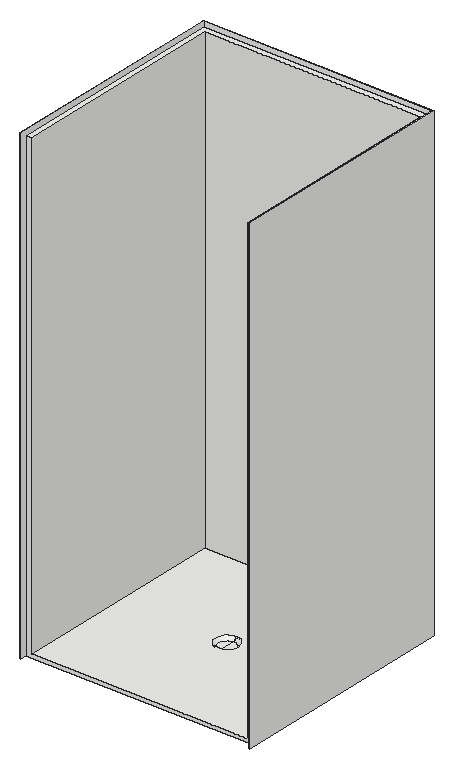
Revit family "Plumbing-Fixtures_Accessibility-Professionals-Inc_38-625x38-4375-Freedom-Accessible-Transfer-Shower", category Plumbing Fixtures, Revit 2026
Family settings
  Round Connector Dimension = Use Diameter
  Part Type = Normal
  Classification Number = 23.45.05.14.11.21
  Work Plane-Based = No
  Enable Cutting in Views = No
  Always vertical = Yes
  Cut with Voids When Loaded = No
  Maintain Annotation Orientation = No
  Shared = No
  Room Calculation Point = No
Parameters (values of type "38 5/8" x 38 7/16" Freedom Accessible Transfer Shower")
  Width = 38 5/8"  # constant formula
  Water Inlet Diameter = 2"
  Vertical Drain Offset = 19 5/16"  # constant formula
  Version = 1  # constant formula
  URL = "https://www.freedomshowers.com"
  Threshold Height = 5/8"  # constant formula
  Internal Wall Offset Side = 1"  # constant formula
  Product data url = ""
  Product Page URL = "https://www.freedomshowers.com/Handicapped-Accessible-Showers/APF3838BF4P"
  Product Material = Freedom Showers by Accessibility Professionals Inc. - Fiberglass Acrylic - White
  Product Documentation Link = "https://www.freedomshowers.com/index.php?route=product/product.getProductAttachmentFile&attachment_id=2060385"
  Model = "APF3838BF4P"  # constant formula
  Manufacturer = "Freedom Showers by Accessibility Professionals Inc."  # constant formula
  Keynote = "22 40 00.B5"
  Interior Width = 36"  # constant formula
  Interior Depth = 36"  # constant formula
  Horizontal Drain Offset = 19 1/8"  # constant formula
  Height = 78 7/8"  # constant formula
  Grab Bars Material = Freedom Showers by Accessibility Professionals Inc. - Steel - Stainless
  Flow = 0 GPM
  Drain Diameter = 2"
  Description = "Four-piece shower stall ideal for remodels. Features a 5/8″ beveled threshold, center drain, pre-leveled base, reinforced wood-backed walls, built-in soap ledge, durable acrylic finish, 30-year warranty, made in the USA."  # constant formula
  Depth = 38 7/16"  # constant formula
  Default Elevation = 0"
  Date Updated = ""
  Date Created = "2025/11/19"  # constant formula
  Construction_Type One-Piece [instance] = no
  Internal Wall Offset Back = 1"  # constant formula
  Construction_Type Multi-Piece [instance] = not([Construction_Type One-Piece])  # yes
  Assembly Code = "D2010.60"
  ADA_Compliant [instance] = no
Reference planes (in)
  plane 1 "Center (Front/Back)": y = 0
  plane 2: z = 0
  plane 3 "Center (Left/Right)": x = 0
  plane 4: x = 19.3125
  plane 5: x = -19.3125
  plane 6: y = 19.21875
  plane 7: y = -19.21875
  plane 8 "Drain Vertical": x = 0
  plane 9 "Drain Horizontal": y = 0.09375
  plane 10: z = 78.875
  plane 11: z = 0.625
  plane 12: y = -16.88767
  plane 13: z = 41
  plane 14: z = 25
  plane 15: z = 13.875
Forms (in)
  Extrusion 1, solid, material "Freedom Showers by Accessibility Professionals Inc. - Fiberglass Acrylic - White" <- "Product Material", detail levels medium+fine
    sketch origin (0, 0, 0) x (1, 0, 0) y (0, 1, 0)
      loop
        line (-19.3125, 19.21875) -> (-19.3125, -19.21875) -> (-19.1225, -19.21875) -> (-19.1225, 19.03171) -> (19.12546, 19.03171) -> (19.12546, -19.21875) -> (19.3125, -19.21875) -> (19.3125, 19.21875) -> (-19.3125, 19.21875)
    from 0 to 78.875
  Extrusion 2, solid, material "Freedom Showers by Accessibility Professionals Inc. - Fiberglass Acrylic - White" <- "Product Material", detail levels medium+fine
    sketch origin (0, 0, 0) x (0, 1, 0) y (0, 0, 1)
      loop
        line (-18.26135, 0.625) -> (-18.26135, 0) -> (19.03171, 0) -> (19.03171, 0.625) -> (-18.26135, 0.625)
    from -19.1225 to 19.12546
  Extrusion 3, solid, material "Freedom Showers by Accessibility Professionals Inc. - Fiberglass Acrylic - White" <- "Product Material", detail levels medium+fine
    sketch origin (0, 0, 0) x (1, 0, 0) y (0, 1, 0)
      loop
        line (-18.1225, 18.03171) -> (18.12546, 18.03171) -> (18.12546, -18.26135) -> (19.12546, -18.26135) -> (19.12546, 19.03171) -> (-19.1225, 19.03171) -> (-19.1225, -18.26135) -> (-18.1225, -18.26135) -> (-18.1225, 18.03171)
    from 0 to 78.10874
  Revolve 4, void, detail levels medium+fine
    sketch origin (0, -2.55546, 48) x (0, 1, 0) y (0, 0, 1)
      loop
        line (2.64921, -47.875) -> (2.64921, -47.375) -> (0.6967, -47.375) -> (1.1967, -47.875) -> (2.64921, -47.875)
      axis (2.64921, -47.875) -> (2.64921, -47.375)
    angle from 0 to 360
  Blend 5, solid, material "Freedom Showers by Accessibility Professionals Inc. - Fiberglass Acrylic - White" <- "Product Material", detail levels medium+fine
    base sketch origin (-29.7113, -11.07989, 48) x (1, 0, 0) y (0, 0, 1)
      loop
        arc (24.21127, -34.10277) -> (23.48503, -34.41532) -> (23.21277, -35.15761) r 1
        line (23.21277, -35.15761) -> (23.50436, -41.54218)
        arc (23.50436, -41.54218) -> (23.81541, -42.21358) -> (24.50285, -42.48734) r 1
        line (24.50285, -42.48734) -> (34.37589, -42.48734)
        arc (34.37589, -42.48734) -> (35.06334, -42.21358) -> (35.37439, -41.54218) r 1
        line (35.37439, -41.54218) -> (35.66597, -35.15761)
        arc (35.66597, -35.15761) -> (35.39372, -34.41532) -> (34.66748, -34.10277) r 1
        line (34.66748, -34.10277) -> (24.21127, -34.10277)
    top sketch origin (-29.7113, -11.07989, 48) x (1, 0, 0) y (0, 0, 1)
      loop
        line (24.50285, -42.48734) -> (34.37589, -42.48734)
        arc (34.37589, -42.48734) -> (34.62155, -42.45669) -> (34.85215, -42.36665) r 1
        line (34.85215, -42.36665) -> (34.42248, -35.41744)
        arc (34.42248, -35.41744) -> (34.08497, -34.81134) -> (33.4343, -34.5707) r 1
        line (33.4343, -34.5707) -> (25.44445, -34.5707)
        arc (25.44445, -34.5707) -> (24.79378, -34.81134) -> (24.45626, -35.41744) r 1
        line (24.45626, -35.41744) -> (24.0266, -42.36665)
        arc (24.0266, -42.36665) -> (24.2572, -42.45669) -> (24.50285, -42.48734) r 1
    from -29.1116 to -25.95304
  Extrusion 6, void, detail levels medium+fine
    sketch origin (0, 0, 0) x (0, 1, 0) y (0, 0, 1)
      loop
        line (14.27154, 16.30707) -> (14.27154, 4.98526) -> (17.97454, 4.98526) -> (14.27154, 16.30707)
    from -9.15121 to 7.4906
  Extrusion 7, solid, material "Freedom Showers by Accessibility Professionals Inc. - Fiberglass Acrylic - White" <- "Product Material", detail levels coarse
    sketch origin (-44.52563, -180, 34.875) x (-1, 0, 0) y (0, -1, 0)
      loop
        line (-25.21313, -199.21875) -> (-25.21313, -160.78125) -> (-63.83813, -160.78125) -> (-63.83813, -199.21875) -> (-25.21313, -199.21875)
    from -34.875 to -34.25
  Extrusion 8, solid, material "Freedom Showers by Accessibility Professionals Inc. - Fiberglass Acrylic - White" <- "Product Material", detail levels coarse
    sketch origin (-44.52563, -180, 34.875) x (-1, 0, 0) y (0, -1, 0)
      loop
        line (-25.21313, -199.21875) -> (-25.21313, -160.78125) -> (-26.40313, -160.78125) -> (-26.40313, -198.03171) -> (-62.65109, -198.03171) -> (-62.65109, -160.78125) -> (-63.83813, -160.78125) -> (-63.83813, -199.21875) -> (-25.21313, -199.21875)
    from -34.25 to 44
Cuts and joins
  Revolve 4 cuts Extrusion 1
  Revolve 4, Extrusion 6 cuts Extrusion 2
  Revolve 4 cuts Extrusion 3
  Extrusion 6 cuts Blend 5
  joined: Extrusion 1, Extrusion 2, Extrusion 3, Blend 5
Lines and regions (in)
  Masking region 1, detail levels coarse
    outline origin (-44.52563, -180, 34.875) x (-1, 0, 0) y (0, -1, 0)
      loop
        line (-25.21313, -199.21875) -> (-25.21313, -160.78125) -> (-63.83813, -160.78125) -> (-63.83813, -199.21875) -> (-25.21313, -199.21875)
  Masking region 2, detail levels medium+fine
    outline origin (0, 0, 0) x (1, 0, 0) y (0, 1, 0)
      loop
        line (-19.3125, 19.21875) -> (-19.3125, -19.21875) -> (-19.1225, -19.21875) -> (-19.1225, -18.26135) -> (19.12546, -18.26135) -> (19.12546, -19.21875) -> (19.3125, -19.21875) -> (19.3125, 19.21875) -> (-19.3125, 19.21875)
  model lines, detail levels medium+fine
    curve 1: line (-18.1225, 18.03171, 3.62025) -> (18.12546, 18.03171, 3.62025)
    curve 2: line (18.12546, 18.03171, 16.2628) -> (-18.1225, 18.03171, 16.2628)
    curve 4: line (11.76009, 18.03171, 16.2628) -> (11.76009, 18.03171, 3.62694)
    curve 6: line (11.76009, 18.03171, 40.70678) -> (11.76009, 18.03171, 28.70678)
    curve 7: line (-12.02634, 18.03171, 40.70678) -> (-12.02634, 18.03171, 28.70678)
    curve 8: line (-18.1225, 18.03171, 40.70678) -> (18.12546, 18.03171, 40.70678)
    curve 9: line (0.06055, 18.03171, 40.70678) -> (0.06055, 18.03171, 52.70678)
    curve 10: line (-18.1225, 18.03171, 52.70678) -> (18.12546, 18.03171, 52.70678)
    curve 11: line (-12.02634, 18.03171, 65.17163) -> (-12.02634, 18.03171, 52.70678)
    curve 12: line (11.76009, 18.03171, 65.17163) -> (11.76009, 18.03171, 52.70678)
    curve 13: line (-18.1225, 18.03171, 65.17163) -> (18.12546, 18.03171, 65.17163)
    curve 14: line (0.06055, 18.03171, 65.24301) -> (0.06055, 18.03171, 78.10874)
    curve 15: line (-18.03589, 18.03171, 28.70678) -> (-3.16597, 18.03171, 28.70678)
    curve 16: line (0.06055, 18.03171, 16.2628) -> (0.06055, 18.03171, 24.97913)
    curve 17: line (3.16597, 18.03171, 28.70678) -> (17.99675, 18.03171, 28.70678)
    curve 18: line (18.12546, 18.03171, 65.17163) -> (18.12546, -18.26135, 65.17163)
    curve 19: line (18.12546, 11.93259, 65.17163) -> (18.12546, 11.93259, 52.63402)
    curve 20: line (18.12546, -11.85384, 65.17163) -> (18.12546, -11.85384, 52.70678)
    curve 21: line (18.12546, 18.03171, 52.70678) -> (18.12546, -18.26135, 52.70678)
    curve 22: line (18.12546, -0.1543, 40.70678) -> (18.12546, -0.1543, 52.70678)
    curve 23: line (18.12546, 18.03171, 40.70678) -> (18.12546, -18.26135, 40.70678)
    curve 24: line (18.12546, 11.93259, 40.70678) -> (18.12546, 11.93259, 28.70678)
    curve 25: line (18.12546, -11.85384, 40.70678) -> (18.12546, -11.85384, 28.70678)
    curve 26: line (18.12546, 18.03171, 28.70678) -> (18.12546, -18.26135, 28.70678)
    curve 27: line (18.12546, -0.1543, 16.24193) -> (18.12546, -0.1543, 28.70678)
    curve 28: line (18.12546, -18.26135, 16.24193) -> (18.12546, 18.03171, 16.24193)
    curve 29: line (18.12546, 18.03171, 3.59938) -> (18.12546, -18.26135, 3.59938)
    curve 30: line (18.12546, -11.85384, 16.24193) -> (18.12546, -11.85384, 3.60607)
    curve 31: line (18.12546, 11.93259, 16.24193) -> (18.12546, 11.93259, 3.59938)
    curve 32: line (-18.1225, 18.03171, 65.17163) -> (-18.1225, -18.26135, 65.17163)
    curve 33: line (-18.1225, 18.03171, 52.70678) -> (-18.1225, -18.26135, 52.70678)
    curve 34: line (-18.1225, 18.03171, 40.70678) -> (-18.1225, -18.26135, 40.70678)
    curve 35: line (-18.1225, 18.03171, 28.70678) -> (-18.1225, -18.26135, 28.70678)
    curve 36: line (-18.1225, -18.26135, 16.24193) -> (-18.1225, 18.03171, 16.24193)
    curve 37: line (-18.1225, 18.03171, 3.59938) -> (-18.1225, -18.26135, 3.59938)
    curve 38: line (-18.1225, 11.93259, 16.24193) -> (-18.1225, 11.93259, 3.59938)
    curve 39: line (-18.1225, -11.85384, 16.24193) -> (-18.1225, -11.85384, 3.60607)
    curve 40: line (-18.1225, 11.93259, 40.70678) -> (-18.1225, 11.93259, 28.70678)
    curve 41: line (-18.1225, -11.85384, 40.70678) -> (-18.1225, -11.85384, 28.70678)
    curve 42: line (-18.1225, 11.93259, 65.17163) -> (-18.1225, 11.93259, 52.63402)
    curve 43: line (-18.1225, -11.85384, 65.17163) -> (-18.1225, -11.85384, 52.70678)
    curve 62: line (-18.1225, 18.03171, 0.625) -> (-1.38964, 1.46532, 0.625)
    curve 63: line (1.38583, 1.46917, 0.625) -> (18.12546, 18.03171, 0.625)
    curve 64: line (18.12546, -18.26135, 0.625) -> (1.3699, -1.29753, 0.625)
    curve 65: line (-1.37381, -1.29367, 0.625) -> (-18.1225, -18.26135, 0.625)
    curve 66: line (-18.1225, -0.1543, 16.24193) -> (-18.1225, -0.1543, 28.70678)
    curve 67: line (-18.1225, -0.1543, 40.70678) -> (-18.1225, -0.1543, 52.70678)
    curve 68: line (-18.1225, -0.1543, 65.17163) -> (-18.1225, -0.1543, 78.10874)
    curve 69: line (18.12546, -0.1543, 65.17163) -> (18.12546, -0.1543, 78.10874)
  model lines, not visible
    curve 3: line (0.06055, 18.03171, 16.2628) -> (0.06055, 18.03171, 28.70678)
    curve 5: line (-18.1225, 18.03171, 28.70678) -> (18.12546, 18.03171, 28.70678)
  symbolic lines, detail levels medium+fine
    curve 44: line (-19.1225, -19.21875, 34.875) -> (-19.1225, 19.03171, 34.875)
    curve 45: line (-19.1225, 19.03171, 34.875) -> (19.12546, 19.03171, 34.875)
    curve 46: line (19.12546, 19.03171, 34.875) -> (19.12546, -19.21875, 34.875)
    curve 47: line (18.12546, 18.03171, 34.875) -> (18.12546, -18.26135, 34.875)
    curve 48: line (-18.1225, 18.03171, 34.875) -> (18.12546, 18.03171, 34.875)
    curve 49: line (-18.1225, -18.26135, 34.875) -> (-18.1225, 18.03171, 34.875)
    curve 50: line (-19.1225, -18.26135, 34.875) -> (19.12546, -18.26135, 34.875)
    curve 51: arc (0, -1.85876, 34.875) -> (-1.95251, 0.09375, 34.875) -> (0, 2.04626, 34.875) r 1.95251
    curve 52: arc (0, 2.04626, 34.875) -> (1.95251, 0.09375, 34.875) -> (0, -1.85876, 34.875) r 1.95251
    curve 53: arc (0, 1.54626, 34.875) -> (-1.45251, 0.09375, 34.875) -> (0, -1.35876, 34.875) r 1.45251
    curve 54: arc (0, -1.35876, 34.875) -> (1.45251, 0.09375, 34.875) -> (0, 1.54626, 34.875) r 1.45251
  symbolic lines, style "PlumbingFixturesHiddenLines", detail levels medium+fine
    curve 55: line (-18.1225, 18.03171, 34.875) -> (-1.38964, 1.46532, 34.875)
    curve 56: line (18.12546, 18.03171, 34.875) -> (1.38583, 1.46917, 34.875)
    curve 57: line (-1.37381, -1.29367, 34.875) -> (-18.1225, -18.26135, 34.875)
    curve 58: line (1.3699, -1.29753, 34.875) -> (18.12546, -18.26135, 34.875)
  symbolic lines, style "PlumbingFixtures", detail levels coarse
    curve 59: line (-18.1225, -19.21875, 0) -> (-18.1225, 18.03171, 0)
    curve 60: line (-18.1225, 18.03171, 0) -> (18.12546, 18.03171, 0)
    curve 61: line (18.12546, 18.03171, 0) -> (18.12546, -19.21875, 0)
  symbolic lines, style "PlumbingFixtures", detail levels medium+fine
    curve 70: line (-5.49175, 15.47443, 0) -> (-6.49852, 18.03171, 0)
    curve 71: spline (-4.42356, 15.19707, 0) -> (-4.54722, 15.20114, 0) -> (-4.66876, 15.2093, 0) -> (-4.78679, 15.22147, 0) -> (-4.89995, 15.23749, 0) -> (-5.00693, 15.2572, 0) -> (-5.1065, 15.28035, 0) -> (-5.19752, 15.30669, 0) -> (-5.27895, 15.3359, 0) -> (-5.34983, 15.36766, 0) -> (-5.40936, 15.4016, 0) -> (-5.45685, 15.43733, 0) -> (-5.49175, 15.47443, 0)
    curve 72: line (3.87971, 15.19707, 0) -> (-4.42356, 15.19707, 0)
    curve 73: line (5.95468, 18.03171, 0) -> (4.9479, 15.47443, 0)
    curve 74: spline (4.9479, 15.47443, 0) -> (4.913, 15.43733, 0) -> (4.86551, 15.4016, 0) -> (4.80598, 15.36766, 0) -> (4.7351, 15.3359, 0) -> (4.65368, 15.30669, 0) -> (4.56265, 15.28035, 0) -> (4.46308, 15.2572, 0) -> (4.3561, 15.23749, 0) -> (4.24294, 15.22147, 0) -> (4.12491, 15.2093, 0) -> (4.00337, 15.20114, 0) -> (3.87971, 15.19707, 0)
Dimensions and locks (in)
  equal spacing: plane 5, plane 3 "Center (Left/Right)", plane 4
  "Width": plane 5 to plane 4
  equal spacing: plane 7, plane 1 "Center (Front/Back)", plane 6
  "Depth": plane 7 to plane 6
  "Vertical Drain Offset": plane 5 to plane 8 "Drain Vertical"
  "Horizontal Drain Offset": plane 9 "Drain Horizontal" to plane 6
  "Height": plane 10 to level
  locked: plane 12 to plane 7 at 2.33108
  locked: plane 5 to Extrusion 1 sketch curve at 0.19
  locked: Extrusion 1 sketch curve to plane 6 at 0.18704
  locked: Extrusion 1 sketch curve to plane 4 at 0.18704
  "Threshold Height": plane 11 to level
  locked: plane 11 to Revolve 4 sketch curve at 0.5
  Revolve 4 sketch curve to Revolve 4 sketch curve to Revolve 4 sketch curve = 1.45251" locked, 1/2" locked
  locked: plane 5 to Extrusion 3 sketch curve at 0.19
  locked: Extrusion 3 sketch curve to plane 4 at 0.18704
  locked: Extrusion 3 sketch curve to plane 6 at 0.18704
  "Internal Wall Offset Back": Extrusion 3 sketch curve to Extrusion 3 sketch curve
  "Internal Wall Offset Side": Extrusion 3 sketch curve to Extrusion 3 sketch curve  (x2)
  plane 13 to level = 41"
  plane 14 to level = 25"
  locked: plane 15 to level at 13.875
  aligned and locked: plane 2 to level
  aligned and locked: Extrusion 1 sketch curve to plane 5
  aligned and locked: Extrusion 1 sketch curve to plane 6
  aligned and locked: Extrusion 1 sketch curve to plane 4
  aligned and locked: Extrusion 1 sketch curve to plane 7
  aligned and locked: Extrusion 1 to level
  aligned and locked: plane 10 to Extrusion 1
  aligned and locked: level to Extrusion 2 sketch curve
  aligned and locked: Extrusion 3 to level
  aligned and locked: Revolve 4 sketch curve to plane 9 "Drain Horizontal"
  aligned and locked: plane 11 to Extrusion 2 sketch curve
  aligned and locked: plane 11 to Revolve 4 sketch curve
  aligned and locked: Extrusion 7 sketch curve to plane 5
  aligned and locked: Extrusion 7 sketch curve to plane 6
  aligned and locked: Extrusion 7 sketch curve to plane 7
  aligned and locked: Extrusion 7 sketch curve to plane 4
  aligned and locked: Extrusion 7 to level
  aligned and locked: plane 11 to Extrusion 7
  aligned and locked: cut or joined group of Extrusion 1, Extrusion 2, Extrusion 3, Revolve 4, Blend 5, Extrusion 6 to cut or joined group of Extrusion 1, Extrusion 2, Extrusion 3, Revolve 4, Blend 5, Extrusion 6  (x2)
  aligned and locked: Extrusion 8 sketch curve to plane 5
  aligned and locked: Extrusion 8 sketch curve to plane 6
  aligned and locked: Extrusion 8 sketch curve to cut or joined group of Extrusion 1, Extrusion 2, Extrusion 3, Revolve 4, Blend 5, Extrusion 6  (x3)
  aligned and locked: Extrusion 8 sketch curve to plane 4
  aligned and locked: Extrusion 8 sketch curve to plane 7
  aligned and locked: plane 10 to Extrusion 8
  aligned and locked: Extrusion 8 to plane 11
  aligned and locked: curve 44 to cut or joined group of Extrusion 1, Extrusion 2, Extrusion 3, Revolve 4, Blend 5, Extrusion 6
  aligned and locked: curve 45 to cut or joined group of Extrusion 1, Extrusion 2, Extrusion 3, Revolve 4, Blend 5, Extrusion 6
  aligned and locked: curve 46 to cut or joined group of Extrusion 1, Extrusion 2, Extrusion 3, Revolve 4, Blend 5, Extrusion 6
  aligned and locked: curve 47 to Extrusion 8
  aligned and locked: curve 48 to Extrusion 8
  aligned and locked: Extrusion 8 to curve 49
  aligned and locked: cut or joined group of Extrusion 1, Extrusion 2, Extrusion 3, Revolve 4, Blend 5, Extrusion 6 to curve 50
  aligned and locked: curve 51 to cut or joined group of Extrusion 1, Extrusion 2, Extrusion 3, Revolve 4, Blend 5, Extrusion 6
  aligned and locked: curve 52 to cut or joined group of Extrusion 1, Extrusion 2, Extrusion 3, Revolve 4, Blend 5, Extrusion 6
  aligned and locked: curve 53 to cut or joined group of Extrusion 1, Extrusion 2, Extrusion 3, Revolve 4, Blend 5, Extrusion 6
  aligned and locked: curve 54 to cut or joined group of Extrusion 1, Extrusion 2, Extrusion 3, Revolve 4, Blend 5, Extrusion 6
  aligned and locked: Masking region 1 sketch curve to plane 5
  aligned and locked: Masking region 1 sketch curve to plane 6
  aligned and locked: Masking region 1 sketch curve to plane 4
  aligned and locked: Masking region 1 sketch curve to plane 7
  aligned and locked: curve 57 to curve 65
  aligned and locked: curve 58 to curve 64
  aligned and locked: curve 56 to curve 63
  aligned and locked: curve 55 to curve 62
  aligned and locked: curve 66 to curve 27
  aligned and locked: curve 67 to curve 22
  aligned and locked: Masking region 2 sketch curve to plane 5
  aligned and locked: Masking region 2 sketch curve to plane 6
  aligned and locked: Masking region 2 sketch curve to plane 4
  aligned and locked: Masking region 2 sketch curve to plane 7
  aligned and locked: Masking region 2 sketch curve to curve 50
  aligned and locked: Masking region 2 sketch curve to curve 44
  aligned and locked: curve 46 to Masking region 2 sketch curve
  aligned and locked: cut or joined group of Extrusion 1, Extrusion 2, Extrusion 3, Revolve 4, Blend 5, Extrusion 6 to curve 70
  aligned and locked: curve 72 to cut or joined group of Extrusion 1, Extrusion 2, Extrusion 3, Revolve 4, Blend 5, Extrusion 6
  aligned and locked: curve 73 to cut or joined group of Extrusion 1, Extrusion 2, Extrusion 3, Revolve 4, Blend 5, Extrusion 6
Automatic sketch dimensions
  plane 7 to curve 59 = 0"
  plane 7 to curve 61 = 0"
  plane 5 to curve 59 = 1.19"
  plane 6 to curve 70 = 3.74432"
  curve 71 to curve 72 = 1.06819"
  curve 61 to plane 4 = 1.18704"
  plane 6 to curve 60 = 1.18704"
  curve 71 to curve 70 = 0.03074"
  curve 71 to curve 71 = 0.06001"
  curve 72 to curve 73 = 2.07497"
  plane 6 to curve 73 = 3.74432"
  plane 7 to Extrusion 1 sketch curve = 0"
  Extrusion 2 sketch curve to plane 7 = 0.9574"
  plane 6 to Extrusion 2 sketch curve = 0.18704"
  Revolve 4 sketch curve to plane 9 "Drain Horizontal" = 0"
  Revolve 4 sketch curve to level = 12"
  plane 10 to Revolve 4 sketch curve = 17 3/8"
  plane 7 to curve 46 = 0"
  plane 7 to curve 44 = 0"
  curve 58 to plane 4 = 1.18704"
  curve 45 to plane 4 = 0.18704"
  plane 5 to curve 55 = 1.19"
  plane 5 to curve 45 = 0.19"
  plane 6 to curve 49 = 1.18704"
  plane 6 to curve 46 = 0.18704"
  curve 49 to plane 7 = 0.9574"
  plane 1 "Center (Front/Back)" to curve 58 = 1.29753"
  plane 9 "Drain Horizontal" to curve 56 = 1.37542"
  curve 50 to plane 4 = 0.18704"
  plane 1 "Center (Front/Back)" to curve 57 = 1.29367"
  plane 9 "Drain Horizontal" to curve 55 = 1.37157"
  plane 5 to curve 50 = 0.19"
  plane 15 to Blend 5 sketch curve = 1.03261"  (x2)
  Blend 5 sketch curve to plane 3 "Center (Left/Right)" = 6.49852"
  Blend 5 sketch curve to plane 3 "Center (Left/Right)" = 6.20694"
  Blend 5 sketch curve to plane 15 = 0.02223"
  Blend 5 sketch curve to Blend 5 sketch curve = 0.99849"  (x4)
  plane 3 "Center (Left/Right)" to Blend 5 sketch curve = 4.6646"  (x2)
  plane 3 "Center (Left/Right)" to Blend 5 sketch curve = 4.95618"
  plane 11 to Blend 5 sketch curve = 5.88766"  (x3)
  Blend 5 sketch curve to Blend 5 sketch curve = 6.38457"
  Blend 5 sketch curve to Blend 5 sketch curve = 0.05485"
  Blend 5 sketch curve to plane 3 "Center (Left/Right)" = 5.6847"
  plane 15 to Blend 5 sketch curve = 1.29244"  (x2)
  Blend 5 sketch curve to plane 3 "Center (Left/Right)" = 5.25504"
  Blend 5 sketch curve to Blend 5 sketch curve = 0.47625"  (x2)
  plane 15 to Blend 5 sketch curve = 0.4457"
  Blend 5 sketch curve to Blend 5 sketch curve = 0.98819"  (x2)
  plane 3 "Center (Left/Right)" to Blend 5 sketch curve = 3.723"
  Blend 5 sketch curve to Blend 5 sketch curve = 0.87931"
  plane 6 to Extrusion 6 sketch curve = 4.94721"
  plane 6 to Extrusion 6 sketch curve = 1.24421"
  plane 11 to Extrusion 6 sketch curve = 4.36026"
  Extrusion 6 sketch curve to plane 15 = 2.43207"
  curve 13 to Extrusion 3 = 0"
  curve 1 to Extrusion 3 = 0"
  curve 2 to Extrusion 3 = 0"
  curve 8 to Extrusion 3 = 0"
  curve 10 to Extrusion 3 = 0"
  curve 5 to Extrusion 3 = 0"
  curve 14 to Extrusion 3 = 0"
  Extrusion 3 to curve 10 = 0"
  Extrusion 3 to curve 13 = 0"
  Extrusion 3 to curve 5 = 0"
  Extrusion 3 to curve 2 = 0"
  Extrusion 3 to curve 1 = 0"
  Extrusion 3 to curve 8 = 0"
  curve 5 to curve 17 = 0.12872"
  curve 12 to Extrusion 3 = 6.36537"
  curve 4 to Extrusion 3 = 6.36537"
  curve 8 to curve 6 = 6.36537"
  curve 6 to curve 17 = 8.59412"
  curve 17 to curve 16 = 3.10542"
  curve 12 to curve 14 = 11.69953"
  curve 12 to curve 9 = 11.69953"
  curve 17 to curve 3 = 3.10542"
  curve 3 to curve 15 = 3.22653"
  curve 7 to Extrusion 3 = 6.09616"
  curve 11 to Extrusion 3 = 6.09616"
  curve 15 to Extrusion 3 = 0.08661"
  Extrusion 3 to curve 14 = 12.86573"
  curve 14 to curve 12 = 0.07139"
  curve 11 to curve 11 = 12 119/256"
  curve 12 to curve 6 = 12"
  curve 7 to curve 7 = 12"
  curve 17 to curve 5 = 0"
  curve 15 to curve 5 = 0"
  curve 3 to curve 16 = 3.72765"
  curve 16 to curve 3 = 8.71633"
  Extrusion 3 to curve 4 = 3.62694"
  Extrusion 3 to curve 1 = 3.62025"
  curve 18 to Extrusion 3 = 0"  (x2)
  curve 28 to Extrusion 3 = 0"  (x2)
  curve 23 to Extrusion 3 = 0"  (x2)
  curve 26 to Extrusion 3 = 0"  (x2)
  curve 29 to Extrusion 3 = 0"  (x2)
  curve 21 to Extrusion 3 = 0"  (x2)
  Extrusion 3 to curve 69 = 0"
  Extrusion 3 to curve 31 = 6.09912"
  Extrusion 3 to curve 19 = 6.09912"
  Extrusion 3 to curve 24 = 6.09912"
  curve 19 to curve 69 = 12.0869"
  curve 19 to curve 22 = 12.0869"
  curve 27 to curve 22 = 0"
  curve 30 to Extrusion 3 = 6.40751"
  curve 25 to Extrusion 3 = 6.40751"
  curve 20 to Extrusion 3 = 6.40751"
  Extrusion 3 to curve 69 = 12.93712"
  curve 21 to curve 18 = 12 119/256"
  curve 19 to curve 21 = 0.07276"
  curve 22 to curve 22 = 12"
  curve 24 to curve 24 = 12"
  curve 30 to curve 25 = 12 119/256"
  Extrusion 3 to curve 30 = 3.60607"
  Extrusion 3 to curve 29 = 3.59938"
  curve 32 to Extrusion 3 = 0"  (x2)
  curve 37 to Extrusion 3 = 0"  (x2)
  curve 33 to Extrusion 3 = 0"  (x2)
  curve 36 to Extrusion 3 = 0"  (x2)
  curve 34 to Extrusion 3 = 0"  (x2)
  curve 35 to Extrusion 3 = 0"  (x2)
  Extrusion 3 to curve 68 = 0"
  Extrusion 3 to curve 38 = 6.09912"
  Extrusion 3 to curve 40 = 6.09912"
  Extrusion 3 to curve 42 = 6.09912"
  curve 42 to curve 68 = 12.0869"
  Extrusion 3 to curve 41 = 6.40751"
  Extrusion 3 to curve 39 = 6.40751"
  Extrusion 3 to curve 43 = 6.40751"
  Extrusion 3 to curve 32 = 12.93712"
  curve 43 to curve 43 = 12 119/256"
  curve 33 to curve 42 = 0.07276"
  curve 42 to curve 40 = 11.92724"
  curve 40 to curve 40 = 12"
  curve 35 to curve 36 = 12 119/256"
  Extrusion 3 to curve 39 = 3.60607"
  Extrusion 3 to curve 38 = 3.59938"
  curve 64 to plane 7 = 0.9574"
  curve 65 to plane 7 = 0.9574"
  plane 1 "Center (Front/Back)" to curve 64 = 1.29753"
  plane 1 "Center (Front/Back)" to curve 65 = 1.29367"
  plane 9 "Drain Horizontal" to curve 62 = 1.37157"
  plane 9 "Drain Horizontal" to curve 63 = 1.37542"
  curve 63 to plane 4 = 1.18704"
  plane 6 to curve 62 = 1.18704"
  plane 7 to Extrusion 8 sketch curve = 0"
  plane 7 to Masking region 2 sketch curve = 0"
  curve 74 to curve 72 = 0.06001"
  curve 73 to curve 74 = 0.03074"
  Extrusion 3 sketch curve to plane 7 = 0.9574"  (x2)
Connectors (in)
  piping at (0, 0.09375, 0.125), diameter 2, driven by "Flow", driven by "Drain Diameter"
    settings: on cut or joined group of Extrusion 1, Extrusion 2, Extrusion 3, Revolve 4, Blend 5, Extrusion 6, index 1, connector inside diameter 24", connector length 0", flow factor 0, pipe flow 0 GPM, pressure drop 0.00 psi, fitting loss kfactor 0, connector angle 0.00°, fixture units 0, engagement length 0", angle of deflection 0.00°, flow configuration 0, flow direction 2, fitting loss method 0, system type 16, joint type 0, gender type 0, connector reference index -1, connector utility 0, adjustable connector no, is connector primary yes, connector description "Drain"
